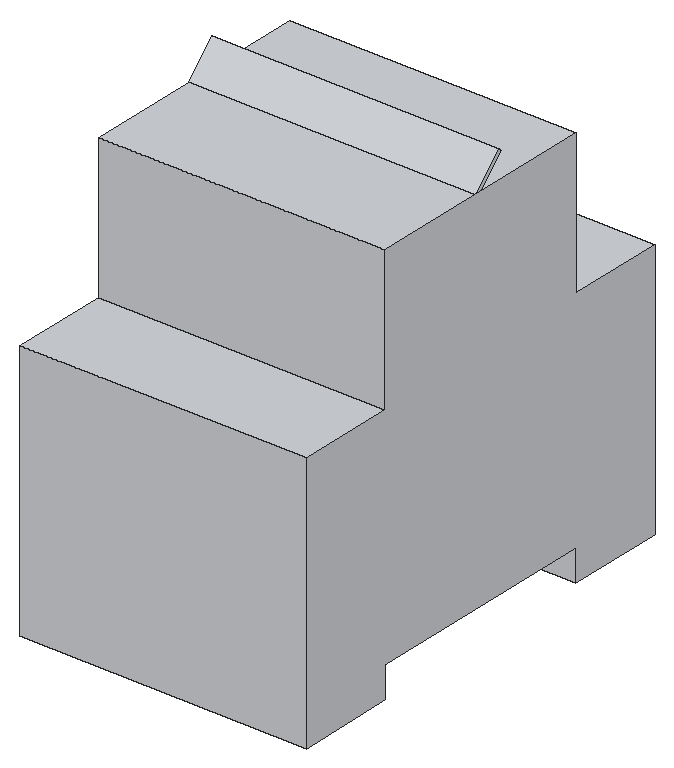
Revit family "Power-ModularDevices-GEWISS-90AM-MOTOR_PROTECTION", category Apparecchi elettrici, host Superficie, Revit 2016
Family settings
  Host = Superficie
  Mantenere orientamento annotazione = Sì
  Tipo di parte = Normale
  Quota connettore circolare = Usa diametro
  Numero OmniClass = 23.80.50.00
  Titolo OmniClass = Terminals for Power Supply
  Taglio con vuoti quando caricato = No
  Condiviso = No
  Punto di calcolo locali = Sì
Parameters (values of type "GW96763 - MOTOR PROTECTION SWITCH 25-40A")
  potenza in watt = 0 V
  carico = Altro
  Version file RFA = "18.0"
  URL = "https://www.gewiss.com/ww/en"
  Technical sheet = "https://www.gewiss.com/ww/en/search?q=GW96763"
  Spostamento_x = -340 mm
  SS [instance] = 69.967 mm
  SIMBOLO IN PIANTA [instance] = yes
  SEO = "Motor switch"
  Realized by GEWISS S.p.A. = ""
  Rated voltage (V) = "230/400 ac"
  Rated voltage = "230/400ac"
  Default Elevation = 1219.2 mm
  Produttore = "GEWISS S.p.A."
  Operating current = "25-40A"
  Numero di poli = 1
  Spost_x_eff [instance] = 0 mm
  Number of poles = "3P"
  No. of poles = "3P"
  No. of modules EN 50022 = "3"
  No. Chorus modules = "3"
  Modello = "GW96763"
  Immagine tipo = GW96751.jpg
  IFC.TypeObject = ""
  IFC.ExportType = ""
  IFC.ExportAs = ""
  IDT = "9a90badc-123e-4117-a2a4-f62144c76397"
  IDF = "be284e65-0030-41ab-a52b-3de678b45daf"
  Electrocod = "1751"
  EAN code = "8011564184527"
  Descrizione = "MOTOR PROTECTION SWITCH 25-40A"
  Catalogue Range = "90 AM"
  Catalogue = "POWER"
  COBie.Tagnumber = ""
  COBie.CreatedOn = ""
  COBie.CreatebBy = ""
  COBie.ComponentRegisterItemID = ""
  COBie.Component.TagNumber = ""
  COBie.Component.Space = ""
  COBie.Component.SerialNumber = ""
  COBie.Component.InstallationDate = ""
  COBie.Component.Description = ""
  COBie.Component.BarCode = ""
  Barra_DIN [instance] = 0 mm
Values of the unnamed type that differ from the named types
  Version file RFA = ""
  SEO = ""
  Rated voltage (V) = ""
  Rated voltage = ""
  Number of poles = ""
  No. of poles = ""
  No. of modules EN 50022 = ""
  No. Chorus modules = ""
  IDF = ""
  Electrocod = ""
  Catalogue Range = ""
  Catalogue = ""
Reference planes
  plane 1 "Centro (Fronte/Retro)": y = 0
  plane 2: z = 0
  plane 3 "Centro (Sinistra/Destra)": x = 0
  plane 4: z = 0
Dimensions and locks
  "Barra_DIN": host face to plane 4
  aligned and locked: plane 2 to host face
  aligned and locked: level to host face
  aligned and locked: plane 3 "Centro (Sinistra/Destra)" to nested 1
  aligned and locked: plane 1 "Centro (Fronte/Retro)" to nested 1
Automatic sketch dimensions
  host sketch curve to host sketch curve = 6519.2 mm
  host sketch curve to host sketch curve = 4328.142 mm
Nested families
  nested 1: "GENERICO - 90AM SALVAMOTORI" at (0, 0, 7), type "GENERICO - 90AM SALVAMOTORI"
  nested 2: "SALVAMOT" at (0, 54.967, 0), visible <- "SIMBOLO IN PIANTA", type "SALVAMOT"
Connectors
  electrical at (0, 41, 25.5)
    settings: on nested 1, index 1, voltage 230 V, apparent load 0 VA, apparent load phase1 0 VA, apparent load phase2 0 VA, apparent load phase3 0 VA, power factor 1, load classification "Altro", number of poles 1, system type 31, power factor state 1, is connector primary yes, connector utility no, sub classification motor no, connector description ""
Definition of nested family "GENERICO - 90AM SALVAMOTORI"
  Parameters (values of type "GENERICO - 90AM SALVAMOTORI")
    h_barra din = if(Altezza barre = 1 mm, 69.9 mm, if(Altezza barre = 2 mm, 115.8 mm, 0 mm))  # 0 mm
    Default Elevation = 1219.2 mm
    H = if(AB_O = 1, AB_V, if(AB_O = 2, AB_H, 50.8 mm))  # 50.8 mm
    Dist barra din = 0 mm  # constant formula
    C1 = 49 mm  # constant formula
    C = 70 mm  # constant formula
    B = 82 mm  # constant formula
    Altezza barre = 5 mm  # constant formula
    AB_V = 3 mm  # constant formula
    AB_H = 5 mm  # constant formula
    AB_O = 0  # constant formula
    A = 81 mm  # constant formula
  Reference planes
    plane 1 "Centro (Fronte/Retro)": y = 0
    plane 2: z = 0
    plane 3 "Centro (Sinistra/Destra)": x = 0
    plane 4: z = 0
    plane 5: z = -6
    plane 6 "top": z = 70
    plane 7 "incasso": z = 43
    plane 8: through (4267.2, -42.5, 9) normal (0, -0.1901, 0.9818)
    plane 9 "POSIZIONE": z = 70
    plane 10: through (-18, -1524, 18.5) normal (-0.891, 0, -0.454)
    plane 11: z = 65
  Forms (mm)
    Extrusion 1, solid
      sketch origin (0, 0, 0) x (0, 1, 0) y (0, 0, 1)
        loop
          line (-22.5, 0) -> (22.5, 0) -> (22.5, -6) -> (41, -6) -> (41, 43) -> (22.5, 43) -> (22.5, 70) -> (-22.5, 70) -> (-22.5, 43) -> (-41, 43) -> (-41, -6) -> (-22.5, -6) -> (-22.5, 0)
      from -27 to 27
    Extrusion 2, solid
      sketch origin (0, 0, 0) x (0, 1, 0) y (0, 0, 1)
        loop
          line (0, 70) -> (4.778, 74.778) -> (4.175, 75.38) -> (-1.206, 70) -> (0, 70)
      from -27 to 27
  Lines and regions (mm)
    symbolic lines
      curve 1: line (0, 0, 15) -> (0, 0, -6)
      curve 2: line (0, -22.5, 0) -> (0, 22.5, 0)
    model lines
      curve 3: line (-9.021, 41, 43) -> (-9.021, 22.5, 43)
      curve 89: line (9.021, 41, 43) -> (9.021, 22.5, 43)
      curve 114: line (7.13, 0, 70) -> (7.13, -7.675, 70)
      curve 115: line (7.13, -7.675, 70) -> (-7.663, -7.675, 70)
      curve 116: line (-7.663, -7.675, 70) -> (-7.663, 0, 70)
      curve 117: line (-7.663, -6.072, 70) -> (7.13, -6.072, 70)
      curve 257: line (-9.021, -22.5, 43) -> (-9.021, -41, 43)
      curve 258: line (9.021, -22.5, 43) -> (9.021, -41, 43)
      curve 283: line (25.144, 0, 70) -> (25.144, -7.675, 70)
      curve 284: line (25.144, -7.675, 70) -> (10.351, -7.675, 70)
      curve 285: line (10.351, -7.675, 70) -> (10.351, 0, 70)
      curve 286: line (10.351, -6.072, 70) -> (25.144, -6.072, 70)
      curve 287: line (-10.88, 0, 70) -> (-10.88, -7.675, 70)
      curve 288: line (-10.88, -7.675, 70) -> (-25.673, -7.675, 70)
      curve 289: line (-25.673, -7.675, 70) -> (-25.673, 0, 70)
      curve 290: line (-25.673, -6.072, 70) -> (-10.88, -6.072, 70)
      curve 349: line (10.351, -13.779, 70) -> (25.144, -13.779, 70)
      curve 350: line (10.351, -20.751, 70) -> (10.351, -13.779, 70)
      curve 351: line (25.144, -20.751, 70) -> (10.351, -20.751, 70)
      curve 352: line (25.144, -13.779, 70) -> (25.144, -20.751, 70)
      curve 353: line (-7.663, -9.82, 70) -> (7.13, -9.82, 70)
      curve 354: line (-7.663, -20.751, 70) -> (-7.663, -9.82, 70)
      curve 355: line (7.13, -20.751, 70) -> (-7.663, -20.751, 70)
      curve 356: line (7.13, -9.82, 70) -> (7.13, -20.751, 70)
      curve 357: circle (0.221, -15.291, 70) r 4.355 normal (0, 0, 1)
      curve 358: line (-15.621, 17.517, 70) -> (-9.887, 17.517, 70)
      curve 359: line (-15.621, 15.425, 70) -> (-15.621, 17.517, 70)
      curve 360: line (-9.887, 15.425, 70) -> (-15.621, 15.425, 70)
      curve 361: line (-9.887, 17.517, 70) -> (-9.887, 15.425, 70)
      curve 362: line (2.368, 17.517, 70) -> (8.102, 17.517, 70)
      curve 363: line (2.368, 15.425, 70) -> (2.368, 17.517, 70)
      curve 364: line (8.102, 15.425, 70) -> (2.368, 15.425, 70)
      curve 365: line (8.102, 17.517, 70) -> (8.102, 15.425, 70)
      curve 366: line (20.333, 17.517, 70) -> (26.067, 17.517, 70)
      curve 367: line (20.333, 15.425, 70) -> (20.333, 17.517, 70)
      curve 368: line (26.067, 15.425, 70) -> (20.333, 15.425, 70)
      curve 369: line (26.067, 17.517, 70) -> (26.067, 15.425, 70)
      curve 370: line (-27, 11.505, 0) -> (27, 11.505, 0)
    model lines, detail levels fine
      curve 4: line (-23.16, -18.708, 70) -> (-23.16, -20.751, 70)
      curve 5: line (-23.16, -20.751, 70) -> (-23.845, -20.751, 70)
      curve 6: line (-23.845, -20.751, 70) -> (-24.242, -20.701, 70)
      curve 7: line (-24.242, -20.701, 70) -> (-24.728, -20.486, 70)
      curve 8: line (-24.728, -20.486, 70) -> (-25.113, -20.128, 70)
      curve 9: line (-25.113, -20.128, 70) -> (-25.369, -19.645, 70)
      curve 10: line (-25.369, -19.645, 70) -> (-25.448, -19.132, 70)
      curve 11: line (-25.448, -19.132, 70) -> (-25.371, -18.658, 70)
      curve 12: line (-25.371, -18.658, 70) -> (-25.166, -18.24, 70)
      curve 13: line (-25.166, -18.24, 70) -> (-24.798, -17.859, 70)
      curve 14: line (-24.798, -17.859, 70) -> (-24.353, -17.627, 70)
      curve 15: line (-24.353, -17.627, 70) -> (-23.852, -17.545, 70)
      curve 16: line (-23.852, -17.545, 70) -> (-23.16, -17.545, 70)
      curve 17: line (-23.16, -17.545, 70) -> (-23.16, -18.426, 70)
      curve 18: line (-23.16, -18.426, 70) -> (-24.323, -18.426, 70)
      curve 19: line (-24.323, -18.426, 70) -> (-24.323, -19.87, 70)
      curve 20: line (-24.323, -19.87, 70) -> (-24.04, -19.87, 70)
      curve 21: line (-24.04, -19.87, 70) -> (-24.04, -18.708, 70)
      curve 22: line (-24.04, -18.708, 70) -> (-23.16, -18.708, 70)
      curve 23: line (-20.395, -20.751, 70) -> (-22.878, -20.751, 70)
      curve 24: line (-22.878, -20.751, 70) -> (-22.878, -17.545, 70)
      curve 25: line (-22.878, -17.545, 70) -> (-21.557, -17.545, 70)
      curve 26: line (-21.557, -17.545, 70) -> (-21.557, -18.425, 70)
      curve 27: line (-21.557, -18.425, 70) -> (-21.998, -18.425, 70)
      curve 28: line (-21.998, -18.425, 70) -> (-21.998, -18.707, 70)
      curve 29: line (-21.998, -18.707, 70) -> (-20.395, -18.707, 70)
      curve 30: line (-20.395, -18.707, 70) -> (-20.395, -19.588, 70)
      curve 31: line (-20.395, -19.588, 70) -> (-21.998, -19.588, 70)
      curve 32: line (-21.998, -19.588, 70) -> (-21.998, -19.87, 70)
      curve 33: line (-21.998, -19.87, 70) -> (-20.395, -19.87, 70)
      curve 34: line (-20.395, -19.87, 70) -> (-20.395, -20.751, 70)
      curve 35: line (-15.903, -20.751, 70) -> (-15.903, -18.707, 70)
      curve 36: line (-15.903, -18.707, 70) -> (-16.784, -18.707, 70)
      curve 37: line (-16.784, -18.707, 70) -> (-16.784, -20.751, 70)
      curve 38: line (-16.784, -20.751, 70) -> (-15.903, -20.751, 70)
      curve 39: line (-18.854, -20.751, 70) -> (-18.589, -19.429, 70)
      curve 40: line (-18.589, -19.429, 70) -> (-18.325, -20.751, 70)
      curve 41: line (-18.325, -20.751, 70) -> (-17.444, -20.751, 70)
      curve 42: line (-17.444, -20.751, 70) -> (-16.898, -18.426, 70)
      curve 43: line (-16.898, -18.426, 70) -> (-15.903, -18.426, 70)
      curve 44: line (-15.903, -18.426, 70) -> (-15.903, -17.545, 70)
      curve 45: line (-15.903, -17.545, 70) -> (-17.594, -17.545, 70)
      curve 46: line (-17.594, -17.545, 70) -> (-17.911, -18.901, 70)
      curve 47: line (-17.911, -18.901, 70) -> (-18.131, -17.545, 70)
      curve 48: line (-18.131, -17.545, 70) -> (-19.047, -17.545, 70)
      curve 49: line (-19.047, -17.545, 70) -> (-19.267, -18.901, 70)
      curve 50: line (-19.267, -18.901, 70) -> (-19.585, -17.545, 70)
      curve 51: line (-19.585, -17.545, 70) -> (-21.276, -17.545, 70)
      curve 52: line (-21.276, -17.545, 70) -> (-21.276, -18.426, 70)
      curve 53: line (-21.276, -18.426, 70) -> (-20.28, -18.426, 70)
      curve 54: line (-20.28, -18.426, 70) -> (-19.735, -20.751, 70)
      curve 55: line (-19.735, -20.751, 70) -> (-18.854, -20.751, 70)
      curve 56: line (-13.137, -17.545, 70) -> (-15.621, -17.545, 70)
      curve 57: line (-15.621, -17.545, 70) -> (-15.621, -19.588, 70)
      curve 58: line (-15.621, -19.588, 70) -> (-14.018, -19.588, 70)
      curve 59: line (-14.018, -19.588, 70) -> (-14.018, -19.87, 70)
      curve 60: line (-14.018, -19.87, 70) -> (-15.621, -19.87, 70)
      curve 61: line (-15.621, -19.87, 70) -> (-15.621, -20.751, 70)
      curve 62: line (-15.621, -20.751, 70) -> (-13.137, -20.751, 70)
      curve 63: line (-13.137, -20.751, 70) -> (-13.137, -18.707, 70)
      curve 64: line (-13.137, -18.707, 70) -> (-14.74, -18.707, 70)
      curve 65: line (-14.74, -18.707, 70) -> (-14.74, -18.426, 70)
      curve 66: line (-14.74, -18.426, 70) -> (-13.137, -18.426, 70)
      curve 67: line (-13.137, -18.426, 70) -> (-13.137, -17.545, 70)
      curve 68: line (-12.856, -17.545, 70) -> (-12.856, -19.588, 70)
      curve 69: line (-12.856, -19.588, 70) -> (-11.361, -19.588, 70)
      curve 70: line (-11.361, -19.588, 70) -> (-11.361, -19.87, 70)
      curve 71: line (-11.361, -19.87, 70) -> (-12.856, -19.87, 70)
      curve 72: line (-12.856, -19.87, 70) -> (-12.856, -20.751, 70)
      curve 73: line (-12.856, -20.751, 70) -> (-11.975, -20.751, 70)
      curve 74: line (-11.975, -20.751, 70) -> (-11.466, -20.587, 70)
      curve 75: line (-11.466, -20.587, 70) -> (-11.138, -20.373, 70)
      curve 76: line (-11.138, -20.373, 70) -> (-10.762, -19.912, 70)
      curve 77: line (-10.762, -19.912, 70) -> (-10.587, -19.395, 70)
      curve 78: line (-10.587, -19.395, 70) -> (-10.582, -18.936, 70)
      curve 79: line (-10.582, -18.936, 70) -> (-10.63, -18.707, 70)
      curve 80: line (-10.63, -18.707, 70) -> (-11.975, -18.707, 70)
      curve 81: line (-11.975, -18.707, 70) -> (-11.975, -18.426, 70)
      curve 82: line (-11.975, -18.426, 70) -> (-10.75, -18.426, 70)
      curve 83: line (-10.75, -18.426, 70) -> (-10.909, -18.159, 70)
      curve 84: line (-10.909, -18.159, 70) -> (-11.138, -17.922, 70)
      curve 85: line (-11.138, -17.922, 70) -> (-11.457, -17.713, 70)
      curve 86: line (-11.457, -17.713, 70) -> (-11.79, -17.591, 70)
      curve 87: line (-11.79, -17.591, 70) -> (-12.164, -17.545, 70)
      curve 88: line (-12.164, -17.545, 70) -> (-12.856, -17.545, 70)
    model lines, detail levels medium+fine
      curve 90: line (0.24, 37.798, 43) -> (1.534, 37.451, 43)
      curve 91: line (1.534, 37.451, 43) -> (2.481, 36.505, 43)
      curve 92: line (2.481, 36.505, 43) -> (2.827, 35.211, 43)
      curve 93: line (2.827, 35.211, 43) -> (2.481, 33.918, 43)
      curve 94: line (2.481, 33.918, 43) -> (1.534, 32.971, 43)
      curve 95: line (1.534, 32.971, 43) -> (0.24, 32.624, 43)
      curve 96: line (0.24, 32.624, 43) -> (-1.053, 32.971, 43)
      curve 97: line (-1.053, 32.971, 43) -> (-2, 33.918, 43)
      curve 98: line (-2, 33.918, 43) -> (-2.346, 35.211, 43)
      curve 99: line (-2.346, 35.211, 43) -> (-2, 36.505, 43)
      curve 100: line (-2, 36.505, 43) -> (-1.053, 37.451, 43)
      curve 101: line (-1.053, 37.451, 43) -> (0.24, 37.798, 43)
      curve 102: line (0.24, -38.798, 43) -> (1.534, -38.451, 43)
      curve 103: line (1.534, -38.451, 43) -> (2.481, -37.505, 43)
      curve 104: line (2.481, -37.505, 43) -> (2.827, -36.211, 43)
      curve 105: line (2.827, -36.211, 43) -> (2.481, -34.918, 43)
      curve 106: line (2.481, -34.918, 43) -> (1.534, -33.971, 43)
      curve 107: line (1.534, -33.971, 43) -> (0.24, -33.624, 43)
      curve 108: line (0.24, -33.624, 43) -> (-1.053, -33.971, 43)
      curve 109: line (-1.053, -33.971, 43) -> (-2, -34.918, 43)
      curve 110: line (-2, -34.918, 43) -> (-2.346, -36.211, 43)
      curve 111: line (-2.346, -36.211, 43) -> (-2, -37.505, 43)
      curve 112: line (-2, -37.505, 43) -> (-1.053, -38.451, 43)
      curve 113: line (-1.053, -38.451, 43) -> (0.24, -38.798, 43)
      curve 233: line (18.24, 37.798, 43) -> (19.534, 37.451, 43)
      curve 234: line (19.534, 37.451, 43) -> (20.481, 36.505, 43)
      curve 235: line (20.481, 36.505, 43) -> (20.827, 35.211, 43)
      curve 236: line (20.827, 35.211, 43) -> (20.481, 33.918, 43)
      curve 237: line (20.481, 33.918, 43) -> (19.534, 32.971, 43)
      curve 238: line (19.534, 32.971, 43) -> (18.24, 32.624, 43)
      curve 239: line (18.24, 32.624, 43) -> (16.947, 32.971, 43)
      curve 240: line (16.947, 32.971, 43) -> (16, 33.918, 43)
      curve 241: line (16, 33.918, 43) -> (15.653, 35.211, 43)
      curve 242: line (15.653, 35.211, 43) -> (16, 36.505, 43)
      curve 243: line (16, 36.505, 43) -> (16.947, 37.451, 43)
      curve 244: line (16.947, 37.451, 43) -> (18.24, 37.798, 43)
      curve 245: line (-17.776, 37.798, 43) -> (-16.482, 37.451, 43)
      curve 246: line (-16.482, 37.451, 43) -> (-15.535, 36.505, 43)
      curve 247: line (-15.535, 36.505, 43) -> (-15.189, 35.211, 43)
      curve 248: line (-15.189, 35.211, 43) -> (-15.535, 33.918, 43)
      curve 249: line (-15.535, 33.918, 43) -> (-16.482, 32.971, 43)
      curve 250: line (-16.482, 32.971, 43) -> (-17.776, 32.624, 43)
      curve 251: line (-17.776, 32.624, 43) -> (-19.069, 32.971, 43)
      curve 252: line (-19.069, 32.971, 43) -> (-20.016, 33.918, 43)
      curve 253: line (-20.016, 33.918, 43) -> (-20.362, 35.211, 43)
      curve 254: line (-20.362, 35.211, 43) -> (-20.016, 36.505, 43)
      curve 255: line (-20.016, 36.505, 43) -> (-19.069, 37.451, 43)
      curve 256: line (-19.069, 37.451, 43) -> (-17.776, 37.798, 43)
      curve 259: line (18.232, -38.798, 43) -> (19.526, -38.451, 43)
      curve 260: line (19.526, -38.451, 43) -> (20.473, -37.505, 43)
      curve 261: line (20.473, -37.505, 43) -> (20.819, -36.211, 43)
      curve 262: line (20.819, -36.211, 43) -> (20.473, -34.918, 43)
      curve 263: line (20.473, -34.918, 43) -> (19.526, -33.971, 43)
      curve 264: line (19.526, -33.971, 43) -> (18.232, -33.624, 43)
      curve 265: line (18.232, -33.624, 43) -> (16.939, -33.971, 43)
      curve 266: line (16.939, -33.971, 43) -> (15.992, -34.918, 43)
      curve 267: line (15.992, -34.918, 43) -> (15.645, -36.211, 43)
      curve 268: line (15.645, -36.211, 43) -> (15.992, -37.505, 43)
      curve 269: line (15.992, -37.505, 43) -> (16.939, -38.451, 43)
      curve 270: line (16.939, -38.451, 43) -> (18.232, -38.798, 43)
      curve 271: line (-17.791, -38.798, 43) -> (-16.498, -38.451, 43)
      curve 272: line (-16.498, -38.451, 43) -> (-15.551, -37.505, 43)
      curve 273: line (-15.551, -37.505, 43) -> (-15.204, -36.211, 43)
      curve 274: line (-15.204, -36.211, 43) -> (-15.551, -34.918, 43)
      curve 275: line (-15.551, -34.918, 43) -> (-16.498, -33.971, 43)
      curve 276: line (-16.498, -33.971, 43) -> (-17.791, -33.624, 43)
      curve 277: line (-17.791, -33.624, 43) -> (-19.085, -33.971, 43)
      curve 278: line (-19.085, -33.971, 43) -> (-20.032, -34.918, 43)
      curve 279: line (-20.032, -34.918, 43) -> (-20.378, -36.211, 43)
      curve 280: line (-20.378, -36.211, 43) -> (-20.032, -37.505, 43)
      curve 281: line (-20.032, -37.505, 43) -> (-19.085, -38.451, 43)
      curve 282: line (-19.085, -38.451, 43) -> (-17.791, -38.798, 43)
    model lines, not visible
      curve 118: line (-150.521, 41, 43) -> (-150.521, 22.5, 43)
      curve 204: line (-132.479, 41, 43) -> (-132.479, 22.5, 43)
      curve 229: line (-134.37, 0, 70) -> (-134.37, -7.675, 70)
      curve 230: line (-134.37, -7.675, 70) -> (-149.163, -7.675, 70)
      curve 231: line (-149.163, -7.675, 70) -> (-149.163, 0, 70)
      curve 232: line (-149.163, -6.072, 70) -> (-134.37, -6.072, 70)
      curve 315: line (-150.521, -22.5, 43) -> (-150.521, -41, 43)
      curve 316: line (-132.479, -22.5, 43) -> (-132.479, -41, 43)
      curve 341: line (-116.356, 0, 70) -> (-116.356, -7.675, 70)
      curve 342: line (-116.356, -7.675, 70) -> (-131.149, -7.675, 70)
      curve 343: line (-131.149, -7.675, 70) -> (-131.149, 0, 70)
      curve 344: line (-131.149, -6.072, 70) -> (-116.356, -6.072, 70)
      curve 345: line (-152.38, 0, 70) -> (-152.38, -7.675, 70)
      curve 346: line (-152.38, -7.675, 70) -> (-167.173, -7.675, 70)
      curve 347: line (-167.173, -7.675, 70) -> (-167.173, 0, 70)
      curve 348: line (-167.173, -6.072, 70) -> (-152.38, -6.072, 70)
    model lines, not visible, detail levels fine
      curve 119: line (-164.66, -18.708, 70) -> (-164.66, -20.751, 70)
      curve 120: line (-164.66, -20.751, 70) -> (-165.345, -20.751, 70)
      curve 121: line (-165.345, -20.751, 70) -> (-165.742, -20.701, 70)
      curve 122: line (-165.742, -20.701, 70) -> (-166.228, -20.486, 70)
      curve 123: line (-166.228, -20.486, 70) -> (-166.613, -20.128, 70)
      curve 124: line (-166.613, -20.128, 70) -> (-166.869, -19.645, 70)
      curve 125: line (-166.869, -19.645, 70) -> (-166.948, -19.132, 70)
      curve 126: line (-166.948, -19.132, 70) -> (-166.871, -18.658, 70)
      curve 127: line (-166.871, -18.658, 70) -> (-166.666, -18.24, 70)
      curve 128: line (-166.666, -18.24, 70) -> (-166.298, -17.859, 70)
      curve 129: line (-166.298, -17.859, 70) -> (-165.853, -17.627, 70)
      curve 130: line (-165.853, -17.627, 70) -> (-165.352, -17.545, 70)
      curve 131: line (-165.352, -17.545, 70) -> (-164.66, -17.545, 70)
      curve 132: line (-164.66, -17.545, 70) -> (-164.66, -18.426, 70)
      curve 133: line (-164.66, -18.426, 70) -> (-165.823, -18.426, 70)
      curve 134: line (-165.823, -18.426, 70) -> (-165.823, -19.87, 70)
      curve 135: line (-165.823, -19.87, 70) -> (-165.54, -19.87, 70)
      curve 136: line (-165.54, -19.87, 70) -> (-165.54, -18.708, 70)
      curve 137: line (-165.54, -18.708, 70) -> (-164.66, -18.708, 70)
      curve 138: line (-161.895, -20.751, 70) -> (-164.378, -20.751, 70)
      curve 139: line (-164.378, -20.751, 70) -> (-164.378, -17.545, 70)
      curve 140: line (-164.378, -17.545, 70) -> (-163.057, -17.545, 70)
      curve 141: line (-163.057, -17.545, 70) -> (-163.057, -18.425, 70)
      curve 142: line (-163.057, -18.425, 70) -> (-163.498, -18.425, 70)
      curve 143: line (-163.498, -18.425, 70) -> (-163.498, -18.707, 70)
      curve 144: line (-163.498, -18.707, 70) -> (-161.895, -18.707, 70)
      curve 145: line (-161.895, -18.707, 70) -> (-161.895, -19.588, 70)
      curve 146: line (-161.895, -19.588, 70) -> (-163.498, -19.588, 70)
      curve 147: line (-163.498, -19.588, 70) -> (-163.498, -19.87, 70)
      curve 148: line (-163.498, -19.87, 70) -> (-161.895, -19.87, 70)
      curve 149: line (-161.895, -19.87, 70) -> (-161.895, -20.751, 70)
      curve 150: line (-157.403, -20.751, 70) -> (-157.403, -18.707, 70)
      curve 151: line (-157.403, -18.707, 70) -> (-158.284, -18.707, 70)
      curve 152: line (-158.284, -18.707, 70) -> (-158.284, -20.751, 70)
      curve 153: line (-158.284, -20.751, 70) -> (-157.403, -20.751, 70)
      curve 154: line (-160.354, -20.751, 70) -> (-160.089, -19.429, 70)
      curve 155: line (-160.089, -19.429, 70) -> (-159.825, -20.751, 70)
      curve 156: line (-159.825, -20.751, 70) -> (-158.944, -20.751, 70)
      curve 157: line (-158.944, -20.751, 70) -> (-158.398, -18.426, 70)
      curve 158: line (-158.398, -18.426, 70) -> (-157.403, -18.426, 70)
      curve 159: line (-157.403, -18.426, 70) -> (-157.403, -17.545, 70)
      curve 160: line (-157.403, -17.545, 70) -> (-159.094, -17.545, 70)
      curve 161: line (-159.094, -17.545, 70) -> (-159.411, -18.901, 70)
      curve 162: line (-159.411, -18.901, 70) -> (-159.631, -17.545, 70)
      curve 163: line (-159.631, -17.545, 70) -> (-160.547, -17.545, 70)
      curve 164: line (-160.547, -17.545, 70) -> (-160.767, -18.901, 70)
      curve 165: line (-160.767, -18.901, 70) -> (-161.085, -17.545, 70)
      curve 166: line (-161.085, -17.545, 70) -> (-162.776, -17.545, 70)
      curve 167: line (-162.776, -17.545, 70) -> (-162.776, -18.426, 70)
      curve 168: line (-162.776, -18.426, 70) -> (-161.78, -18.426, 70)
      curve 169: line (-161.78, -18.426, 70) -> (-161.235, -20.751, 70)
      curve 170: line (-161.235, -20.751, 70) -> (-160.354, -20.751, 70)
      curve 171: line (-154.637, -17.545, 70) -> (-157.121, -17.545, 70)
      curve 172: line (-157.121, -17.545, 70) -> (-157.121, -19.588, 70)
      curve 173: line (-157.121, -19.588, 70) -> (-155.518, -19.588, 70)
      curve 174: line (-155.518, -19.588, 70) -> (-155.518, -19.87, 70)
      curve 175: line (-155.518, -19.87, 70) -> (-157.121, -19.87, 70)
      curve 176: line (-157.121, -19.87, 70) -> (-157.121, -20.751, 70)
      curve 177: line (-157.121, -20.751, 70) -> (-154.637, -20.751, 70)
      curve 178: line (-154.637, -20.751, 70) -> (-154.637, -18.707, 70)
      curve 179: line (-154.637, -18.707, 70) -> (-156.24, -18.707, 70)
      curve 180: line (-156.24, -18.707, 70) -> (-156.24, -18.426, 70)
      curve 181: line (-156.24, -18.426, 70) -> (-154.637, -18.426, 70)
      curve 182: line (-154.637, -18.426, 70) -> (-154.637, -17.545, 70)
      curve 183: line (-154.356, -17.545, 70) -> (-154.356, -19.588, 70)
      curve 184: line (-154.356, -19.588, 70) -> (-152.861, -19.588, 70)
      curve 185: line (-152.861, -19.588, 70) -> (-152.861, -19.87, 70)
      curve 186: line (-152.861, -19.87, 70) -> (-154.356, -19.87, 70)
      curve 187: line (-154.356, -19.87, 70) -> (-154.356, -20.751, 70)
      curve 188: line (-154.356, -20.751, 70) -> (-153.475, -20.751, 70)
      curve 189: line (-153.475, -20.751, 70) -> (-152.966, -20.587, 70)
      curve 190: line (-152.966, -20.587, 70) -> (-152.638, -20.373, 70)
      curve 191: line (-152.638, -20.373, 70) -> (-152.262, -19.912, 70)
      curve 192: line (-152.262, -19.912, 70) -> (-152.087, -19.395, 70)
      curve 193: line (-152.087, -19.395, 70) -> (-152.082, -18.936, 70)
      curve 194: line (-152.082, -18.936, 70) -> (-152.13, -18.707, 70)
      curve 195: line (-152.13, -18.707, 70) -> (-153.475, -18.707, 70)
      curve 196: line (-153.475, -18.707, 70) -> (-153.475, -18.426, 70)
      curve 197: line (-153.475, -18.426, 70) -> (-152.25, -18.426, 70)
      curve 198: line (-152.25, -18.426, 70) -> (-152.409, -18.159, 70)
      curve 199: line (-152.409, -18.159, 70) -> (-152.638, -17.922, 70)
      curve 200: line (-152.638, -17.922, 70) -> (-152.957, -17.713, 70)
      curve 201: line (-152.957, -17.713, 70) -> (-153.29, -17.591, 70)
      curve 202: line (-153.29, -17.591, 70) -> (-153.664, -17.545, 70)
      curve 203: line (-153.664, -17.545, 70) -> (-154.356, -17.545, 70)
    model lines, not visible, detail levels medium+fine
      curve 205: line (-141.26, 37.798, 43) -> (-139.966, 37.451, 43)
      curve 206: line (-139.966, 37.451, 43) -> (-139.019, 36.505, 43)
      curve 207: line (-139.019, 36.505, 43) -> (-138.673, 35.211, 43)
      curve 208: line (-138.673, 35.211, 43) -> (-139.019, 33.918, 43)
      curve 209: line (-139.019, 33.918, 43) -> (-139.966, 32.971, 43)
      curve 210: line (-139.966, 32.971, 43) -> (-141.26, 32.624, 43)
      curve 211: line (-141.26, 32.624, 43) -> (-142.553, 32.971, 43)
      curve 212: line (-142.553, 32.971, 43) -> (-143.5, 33.918, 43)
      curve 213: line (-143.5, 33.918, 43) -> (-143.846, 35.211, 43)
      curve 214: line (-143.846, 35.211, 43) -> (-143.5, 36.505, 43)
      curve 215: line (-143.5, 36.505, 43) -> (-142.553, 37.451, 43)
      curve 216: line (-142.553, 37.451, 43) -> (-141.26, 37.798, 43)
      curve 217: line (-141.26, -38.798, 43) -> (-139.966, -38.451, 43)
      curve 218: line (-139.966, -38.451, 43) -> (-139.019, -37.505, 43)
      curve 219: line (-139.019, -37.505, 43) -> (-138.673, -36.211, 43)
      curve 220: line (-138.673, -36.211, 43) -> (-139.019, -34.918, 43)
      curve 221: line (-139.019, -34.918, 43) -> (-139.966, -33.971, 43)
      curve 222: line (-139.966, -33.971, 43) -> (-141.26, -33.624, 43)
      curve 223: line (-141.26, -33.624, 43) -> (-142.553, -33.971, 43)
      curve 224: line (-142.553, -33.971, 43) -> (-143.5, -34.918, 43)
      curve 225: line (-143.5, -34.918, 43) -> (-143.846, -36.211, 43)
      curve 226: line (-143.846, -36.211, 43) -> (-143.5, -37.505, 43)
      curve 227: line (-143.5, -37.505, 43) -> (-142.553, -38.451, 43)
      curve 228: line (-142.553, -38.451, 43) -> (-141.26, -38.798, 43)
      curve 291: line (-123.26, 37.798, 43) -> (-121.966, 37.451, 43)
      curve 292: line (-121.966, 37.451, 43) -> (-121.019, 36.505, 43)
      curve 293: line (-121.019, 36.505, 43) -> (-120.673, 35.211, 43)
      curve 294: line (-120.673, 35.211, 43) -> (-121.019, 33.918, 43)
      curve 295: line (-121.019, 33.918, 43) -> (-121.966, 32.971, 43)
      curve 296: line (-121.966, 32.971, 43) -> (-123.26, 32.624, 43)
      curve 297: line (-123.26, 32.624, 43) -> (-124.553, 32.971, 43)
      curve 298: line (-124.553, 32.971, 43) -> (-125.5, 33.918, 43)
      curve 299: line (-125.5, 33.918, 43) -> (-125.847, 35.211, 43)
      curve 300: line (-125.847, 35.211, 43) -> (-125.5, 36.505, 43)
      curve 301: line (-125.5, 36.505, 43) -> (-124.553, 37.451, 43)
      curve 302: line (-124.553, 37.451, 43) -> (-123.26, 37.798, 43)
      curve 303: line (-159.276, 37.798, 43) -> (-157.982, 37.451, 43)
      curve 304: line (-157.982, 37.451, 43) -> (-157.035, 36.505, 43)
      curve 305: line (-157.035, 36.505, 43) -> (-156.689, 35.211, 43)
      curve 306: line (-156.689, 35.211, 43) -> (-157.035, 33.918, 43)
      curve 307: line (-157.035, 33.918, 43) -> (-157.982, 32.971, 43)
      curve 308: line (-157.982, 32.971, 43) -> (-159.276, 32.624, 43)
      curve 309: line (-159.276, 32.624, 43) -> (-160.569, 32.971, 43)
      curve 310: line (-160.569, 32.971, 43) -> (-161.516, 33.918, 43)
      curve 311: line (-161.516, 33.918, 43) -> (-161.862, 35.211, 43)
      curve 312: line (-161.862, 35.211, 43) -> (-161.516, 36.505, 43)
      curve 313: line (-161.516, 36.505, 43) -> (-160.569, 37.451, 43)
      curve 314: line (-160.569, 37.451, 43) -> (-159.276, 37.798, 43)
      curve 317: line (-123.268, -38.798, 43) -> (-121.974, -38.451, 43)
      curve 318: line (-121.974, -38.451, 43) -> (-121.027, -37.505, 43)
      curve 319: line (-121.027, -37.505, 43) -> (-120.681, -36.211, 43)
      curve 320: line (-120.681, -36.211, 43) -> (-121.027, -34.918, 43)
      curve 321: line (-121.027, -34.918, 43) -> (-121.974, -33.971, 43)
      curve 322: line (-121.974, -33.971, 43) -> (-123.268, -33.624, 43)
      curve 323: line (-123.268, -33.624, 43) -> (-124.561, -33.971, 43)
      curve 324: line (-124.561, -33.971, 43) -> (-125.508, -34.918, 43)
      curve 325: line (-125.508, -34.918, 43) -> (-125.855, -36.211, 43)
      curve 326: line (-125.855, -36.211, 43) -> (-125.508, -37.505, 43)
      curve 327: line (-125.508, -37.505, 43) -> (-124.561, -38.451, 43)
      curve 328: line (-124.561, -38.451, 43) -> (-123.268, -38.798, 43)
      curve 329: line (-159.291, -38.798, 43) -> (-157.998, -38.451, 43)
      curve 330: line (-157.998, -38.451, 43) -> (-157.051, -37.505, 43)
      curve 331: line (-157.051, -37.505, 43) -> (-156.704, -36.211, 43)
      curve 332: line (-156.704, -36.211, 43) -> (-157.051, -34.918, 43)
      curve 333: line (-157.051, -34.918, 43) -> (-157.998, -33.971, 43)
      curve 334: line (-157.998, -33.971, 43) -> (-159.291, -33.624, 43)
      curve 335: line (-159.291, -33.624, 43) -> (-160.585, -33.971, 43)
      curve 336: line (-160.585, -33.971, 43) -> (-161.532, -34.918, 43)
      curve 337: line (-161.532, -34.918, 43) -> (-161.878, -36.211, 43)
      curve 338: line (-161.878, -36.211, 43) -> (-161.532, -37.505, 43)
      curve 339: line (-161.532, -37.505, 43) -> (-160.585, -38.451, 43)
      curve 340: line (-160.585, -38.451, 43) -> (-159.291, -38.798, 43)
  Text (mm)
    text "AB_V" at (0, 50.868, 44.72), in view "Destra"
    text "AB_O" at (0, -80.659, 111.963), in view "Destra"
    text "AB_O" at (-90.351, 0, 31.414), in view "Anteriore"
  Dimensions and locks
    "Dist barra din": plane 4 to level
    locked: plane 4 to plane 5 at 6
    "C": plane 9 "POSIZIONE" to plane 4
    "C1": plane 7 "incasso" to plane 5
    locked: plane 9 "POSIZIONE" to plane 11 at 5
    angle level to plane 8 = 10.9557°
    angle plane 5 to plane 10 = 117.00°
    aligned and locked: level to plane 2
    aligned and locked: Extrusion 1 sketch curve to plane 4
    aligned and locked: Extrusion 1 sketch curve to plane 5
    aligned and locked: Extrusion 1 sketch curve to plane 7 "incasso"  (x2)
    aligned and locked: plane 1 "Centro (Fronte/Retro)" to curve 1
    aligned and locked: Extrusion 1 to plane 4
    aligned and locked: plane 9 "POSIZIONE" to Extrusion 1 sketch curve
  Automatic sketch dimensions
    Extrusion 1 sketch curve to plane 5 = 0 mm
    curve 2 to level = 0 mm
    curve 1 to plane 5 = 0 mm
    level to curve 1 = 15 mm
    Extrusion 2 sketch curve to plane 6 "top" = 0 mm
    Extrusion 2 sketch curve to plane 1 "Centro (Fronte/Retro)" = 0 mm
    plane 1 "Centro (Fronte/Retro)" to Extrusion 2 sketch curve = 1.206 mm
    Extrusion 2 sketch curve to Extrusion 2 sketch curve = 0.603 mm
    curve 90 to curve 91 = 0.347 mm
    curve 90 to curve 100 = 0.347 mm
    curve 100 to curve 99 = 0.947 mm
    curve 90 to curve 92 = 0.947 mm  (x2)
    curve 99 to curve 99 = 1.293 mm
    curve 91 to curve 92 = 1.293 mm
    curve 98 to curve 97 = 1.293 mm
    curve 92 to curve 93 = 1.293 mm
    curve 97 to curve 96 = 0.947 mm  (x2)
    curve 93 to curve 95 = 0.947 mm
    curve 94 to curve 95 = 0.347 mm
    curve 95 to curve 108 = 66.249 mm
    curve 107 to curve 106 = 0.347 mm
    curve 107 to curve 109 = 0.347 mm
    curve 108 to curve 109 = 0.947 mm
    curve 106 to curve 106 = 0.947 mm
    curve 105 to curve 105 = 1.293 mm
    curve 109 to curve 110 = 1.293 mm
    curve 104 to curve 103 = 1.293 mm
    curve 110 to curve 111 = 1.293 mm
    curve 111 to curve 113 = 0.947 mm
    curve 103 to curve 103 = 0.947 mm
    curve 102 to curve 102 = 0.347 mm
    curve 110 to curve 98 = 0 mm
    curve 110 to curve 109 = 0.347 mm
    curve 98 to curve 100 = 0.347 mm
    curve 110 to curve 112 = 0.347 mm
    curve 98 to curve 98 = 0.347 mm
    curve 109 to curve 109 = 0.947 mm
    curve 99 to curve 100 = 0.947 mm
    curve 111 to curve 112 = 0.947 mm
    curve 96 to curve 95 = 1.293 mm
    curve 100 to curve 90 = 1.293 mm
    curve 112 to curve 102 = 1.293 mm
    curve 108 to curve 108 = 1.293 mm
    curve 95 to curve 94 = 1.293 mm
    curve 102 to curve 102 = 1.293 mm
    curve 107 to curve 107 = 1.293 mm
    curve 90 to curve 90 = 1.293 mm
    curve 102 to curve 104 = 0.947 mm
    curve 94 to curve 93 = 0.947 mm
    curve 106 to curve 105 = 0.947 mm
    curve 105 to curve 104 = 0.347 mm
    curve 93 to curve 93 = 0.347 mm
    curve 3 to curve 99 = 4.495 mm
    curve 89 to curve 90 = 3.549 mm
    curve 96 to curve 3 = 10.471 mm
    curve 94 to curve 89 = 10.471 mm
    curve 3 to curve 99 = 7.021 mm
    curve 94 to curve 89 = 7.487 mm
    curve 10 to curve 11 = 0.077 mm
    curve 10 to curve 10 = 0.079 mm
    curve 11 to curve 13 = 0.205 mm
    curve 9 to curve 9 = 0.255 mm
    curve 13 to curve 14 = 0.368 mm
    curve 8 to curve 7 = 0.386 mm
    curve 13 to curve 15 = 0.445 mm
    curve 7 to curve 19 = 0.404 mm
    curve 7 to curve 6 = 0.486 mm
    curve 18 to curve 21 = 0.283 mm
    curve 14 to curve 16 = 0.501 mm
    curve 7 to curve 6 = 0.397 mm
    curve 5 to curve 4 = 0.685 mm
    curve 18 to curve 4 = 0 mm
    curve 4 to curve 24 = 0.282 mm
    curve 4 to curve 28 = 1.162 mm
    curve 28 to curve 32 = 0.001 mm
    curve 27 to curve 26 = 0.441 mm
    curve 25 to curve 52 = 0.282 mm
    curve 52 to curve 30 = 0.881 mm
    curve 30 to curve 33 = 0 mm
    curve 29 to curve 53 = 0.115 mm
    curve 23 to curve 54 = 0.659 mm
    curve 53 to curve 50 = 0.696 mm
    curve 53 to curve 49 = 1.013 mm
    curve 50 to curve 49 = 0.537 mm
    curve 54 to curve 39 = 0.882 mm
    curve 50 to curve 40 = 0.678 mm
    curve 39 to curve 41 = 0.528 mm
    curve 48 to curve 48 = 0.916 mm
    curve 39 to curve 47 = 0.678 mm
    curve 47 to curve 45 = 0.537 mm
    curve 40 to curve 42 = 0.881 mm
    curve 46 to curve 43 = 1.013 mm
    curve 41 to curve 37 = 0.661 mm
    curve 36 to curve 43 = 0.881 mm
    curve 36 to curve 43 = 0 mm
    curve 44 to curve 56 = 0.282 mm
    curve 35 to curve 62 = 0.282 mm
    curve 35 to curve 64 = 1.163 mm
    curve 64 to curve 58 = 0.722 mm
    curve 59 to curve 63 = 0.881 mm
    curve 66 to curve 63 = 0 mm
    curve 63 to curve 69 = 0.282 mm
    curve 62 to curve 73 = 0.282 mm
    curve 68 to curve 88 = 0.691 mm
    curve 72 to curve 73 = 0.881 mm
    curve 63 to curve 80 = 1.163 mm
    curve 87 to curve 86 = 0.374 mm
    curve 73 to curve 74 = 0.509 mm
    curve 86 to curve 85 = 0.333 mm
    curve 74 to curve 70 = 0.105 mm
    curve 86 to curve 85 = 0.319 mm
    curve 74 to curve 75 = 0.328 mm
    curve 84 to curve 83 = 0.229 mm
    curve 75 to curve 77 = 0.376 mm
    curve 83 to curve 83 = 0.159 mm
    curve 82 to curve 79 = 0.12 mm
    curve 76 to curve 77 = 0.175 mm
    curve 79 to curve 79 = 0.048 mm
    curve 85 to curve 115 = 3.794 mm
    curve 115 to curve 115 = 14.793 mm
    curve 39 to curve 62 = 0 mm
    curve 23 to curve 54 = 0 mm
    curve 38 to curve 61 = 0 mm
    curve 39 to curve 40 = 0 mm
    curve 62 to curve 74 = 0 mm
    curve 23 to curve 5 = 0 mm
    curve 6 to curve 6 = 0.05 mm
    curve 73 to curve 75 = 0.163 mm
    curve 6 to curve 7 = 0.215 mm
    curve 74 to curve 75 = 0.214 mm
    curve 7 to curve 8 = 0.358 mm
    curve 75 to curve 77 = 0.461 mm
    curve 7 to curve 20 = 0.831 mm
    curve 72 to curve 71 = 0.881 mm
    curve 61 to curve 60 = 0.881 mm
    curve 23 to curve 34 = 0.881 mm
    curve 9 to curve 9 = 0.482 mm
    curve 33 to curve 30 = 0.282 mm
    curve 60 to curve 58 = 0.282 mm
    curve 70 to curve 69 = 0.282 mm
    curve 40 to curve 40 = 1.321 mm
    curve 76 to curve 78 = 0.517 mm
    curve 9 to curve 11 = 0.514 mm
    curve 77 to curve 78 = 0.459 mm
    curve 39 to curve 49 = 0.528 mm
    curve 39 to curve 47 = 0.528 mm
    curve 20 to curve 21 = 1.162 mm
    curve 68 to curve 64 = 0.881 mm
    curve 69 to curve 81 = 0.881 mm
    curve 57 to curve 35 = 0.881 mm
    curve 31 to curve 28 = 0.881 mm
    curve 10 to curve 12 = 0.474 mm
    curve 36 to curve 42 = 0.282 mm
    curve 29 to curve 53 = 0.282 mm
    curve 79 to curve 83 = 0.282 mm
    curve 63 to curve 67 = 0.282 mm
    curve 21 to curve 19 = 0.282 mm
    curve 52 to curve 26 = 0 mm
    curve 11 to curve 12 = 0.418 mm
    curve 82 to curve 83 = 0.266 mm
    curve 83 to curve 84 = 0.237 mm
    curve 13 to curve 13 = 0.381 mm
    curve 85 to curve 85 = 0.209 mm
    curve 13 to curve 15 = 0.232 mm
    curve 85 to curve 87 = 0.122 mm
    curve 66 to curve 68 = 0.881 mm
    curve 67 to curve 68 = 0 mm
    curve 52 to curve 52 = 0.881 mm
    curve 50 to curve 49 = 0 mm
    curve 47 to curve 46 = 0 mm
    curve 26 to curve 51 = 0 mm
    curve 17 to curve 24 = 0 mm
    curve 82 to curve 114 = 10.751 mm
    curve 115 to curve 117 = 1.603 mm
    curve 117 to curve 116 = 6.072 mm
    curve 205 to curve 206 = 0.347 mm
    curve 205 to curve 215 = 0.347 mm
    curve 215 to curve 214 = 0.947 mm
    curve 205 to curve 207 = 0.947 mm  (x2)
    curve 214 to curve 214 = 1.293 mm
    curve 206 to curve 207 = 1.293 mm
    curve 213 to curve 212 = 1.293 mm
    curve 207 to curve 208 = 1.293 mm
    curve 212 to curve 211 = 0.947 mm  (x2)
    curve 208 to curve 210 = 0.947 mm
    curve 209 to curve 210 = 0.347 mm
    curve 210 to curve 223 = 66.249 mm
    curve 222 to curve 221 = 0.347 mm
    curve 222 to curve 224 = 0.347 mm
    curve 223 to curve 224 = 0.947 mm
    curve 221 to curve 221 = 0.947 mm
    curve 220 to curve 220 = 1.293 mm
    curve 224 to curve 225 = 1.293 mm
    curve 219 to curve 218 = 1.293 mm
    curve 225 to curve 226 = 1.293 mm
    curve 226 to curve 228 = 0.947 mm
    curve 218 to curve 218 = 0.947 mm
    curve 217 to curve 217 = 0.347 mm
    curve 225 to curve 213 = 0 mm
    curve 225 to curve 224 = 0.347 mm
    curve 213 to curve 215 = 0.347 mm
    curve 225 to curve 227 = 0.347 mm
    curve 213 to curve 213 = 0.347 mm
    curve 224 to curve 224 = 0.947 mm
    curve 214 to curve 215 = 0.947 mm
    curve 226 to curve 227 = 0.947 mm
    curve 211 to curve 210 = 1.293 mm
    curve 215 to curve 205 = 1.293 mm
    curve 227 to curve 217 = 1.293 mm
    curve 223 to curve 223 = 1.293 mm
    curve 210 to curve 209 = 1.293 mm
    curve 217 to curve 217 = 1.293 mm
    curve 222 to curve 222 = 1.293 mm
    curve 205 to curve 205 = 1.293 mm
    curve 217 to curve 219 = 0.947 mm
    curve 209 to curve 208 = 0.947 mm
    curve 221 to curve 220 = 0.947 mm
    curve 220 to curve 219 = 0.347 mm
    curve 208 to curve 208 = 0.347 mm
    curve 118 to curve 214 = 4.495 mm
    curve 204 to curve 205 = 3.549 mm
    curve 211 to curve 118 = 10.471 mm
    curve 209 to curve 204 = 10.471 mm
    curve 118 to curve 214 = 7.021 mm
    curve 209 to curve 204 = 7.487 mm
    curve 125 to curve 126 = 0.077 mm
    curve 125 to curve 125 = 0.079 mm
    curve 126 to curve 128 = 0.205 mm
    curve 124 to curve 124 = 0.255 mm
    curve 128 to curve 129 = 0.368 mm
    curve 123 to curve 122 = 0.386 mm
    curve 128 to curve 130 = 0.445 mm
    curve 122 to curve 134 = 0.404 mm
    curve 122 to curve 121 = 0.486 mm
    curve 133 to curve 136 = 0.283 mm
    curve 129 to curve 131 = 0.501 mm
    curve 122 to curve 121 = 0.397 mm
    curve 120 to curve 119 = 0.685 mm
    curve 133 to curve 119 = 0 mm
    curve 119 to curve 139 = 0.282 mm
    curve 119 to curve 143 = 1.162 mm
    curve 143 to curve 147 = 0.001 mm
    curve 142 to curve 141 = 0.441 mm
    curve 140 to curve 167 = 0.282 mm
    curve 167 to curve 145 = 0.881 mm
    curve 145 to curve 148 = 0 mm
    curve 144 to curve 168 = 0.115 mm
    curve 138 to curve 169 = 0.659 mm
    curve 168 to curve 165 = 0.696 mm
    curve 168 to curve 164 = 1.013 mm
    curve 165 to curve 164 = 0.537 mm
    curve 169 to curve 154 = 0.882 mm
    curve 165 to curve 155 = 0.678 mm
    curve 154 to curve 156 = 0.528 mm
    curve 163 to curve 163 = 0.916 mm
    curve 154 to curve 162 = 0.678 mm
    curve 162 to curve 160 = 0.537 mm
    curve 155 to curve 157 = 0.881 mm
    curve 161 to curve 158 = 1.013 mm
    curve 156 to curve 152 = 0.661 mm
    curve 151 to curve 158 = 0.881 mm
    curve 151 to curve 158 = 0 mm
    curve 159 to curve 171 = 0.282 mm
    curve 150 to curve 177 = 0.282 mm
    curve 150 to curve 179 = 1.163 mm
    curve 179 to curve 173 = 0.722 mm
    curve 174 to curve 178 = 0.881 mm
    curve 181 to curve 178 = 0 mm
    curve 178 to curve 184 = 0.282 mm
    curve 177 to curve 188 = 0.282 mm
    curve 183 to curve 203 = 0.691 mm
    curve 187 to curve 188 = 0.881 mm
    curve 178 to curve 195 = 1.163 mm
    curve 202 to curve 201 = 0.374 mm
    curve 188 to curve 189 = 0.509 mm
    curve 201 to curve 200 = 0.333 mm
    curve 189 to curve 185 = 0.105 mm
    curve 201 to curve 200 = 0.319 mm
    curve 189 to curve 190 = 0.328 mm
    curve 199 to curve 198 = 0.229 mm
    curve 190 to curve 192 = 0.376 mm
    curve 198 to curve 198 = 0.159 mm
    curve 197 to curve 194 = 0.12 mm
    curve 191 to curve 192 = 0.175 mm
    curve 194 to curve 194 = 0.048 mm
    curve 200 to curve 230 = 3.794 mm
    curve 230 to curve 230 = 14.793 mm
    curve 154 to curve 177 = 0 mm
    curve 138 to curve 169 = 0 mm
    curve 153 to curve 176 = 0 mm
    curve 154 to curve 155 = 0 mm
    curve 177 to curve 189 = 0 mm
    curve 138 to curve 120 = 0 mm
    curve 121 to curve 121 = 0.05 mm
    curve 188 to curve 190 = 0.163 mm
    curve 121 to curve 122 = 0.215 mm
    curve 189 to curve 190 = 0.214 mm
    curve 122 to curve 123 = 0.358 mm
    curve 190 to curve 192 = 0.461 mm
    curve 122 to curve 135 = 0.831 mm
    curve 187 to curve 186 = 0.881 mm
    curve 176 to curve 175 = 0.881 mm
    curve 138 to curve 149 = 0.881 mm
    curve 124 to curve 124 = 0.482 mm
    curve 148 to curve 145 = 0.282 mm
    curve 175 to curve 173 = 0.282 mm
    curve 185 to curve 184 = 0.282 mm
    curve 155 to curve 155 = 1.321 mm
    curve 191 to curve 193 = 0.517 mm
    curve 124 to curve 126 = 0.514 mm
    curve 192 to curve 193 = 0.459 mm
    curve 154 to curve 164 = 0.528 mm
    curve 154 to curve 162 = 0.528 mm
    curve 135 to curve 136 = 1.162 mm
    curve 183 to curve 179 = 0.881 mm
    curve 184 to curve 196 = 0.881 mm
    curve 172 to curve 150 = 0.881 mm
    curve 146 to curve 143 = 0.881 mm
    curve 125 to curve 127 = 0.474 mm
    curve 151 to curve 157 = 0.282 mm
    curve 144 to curve 168 = 0.282 mm
    curve 194 to curve 198 = 0.282 mm
    curve 178 to curve 182 = 0.282 mm
    curve 136 to curve 134 = 0.282 mm
    curve 167 to curve 141 = 0 mm
    curve 126 to curve 127 = 0.418 mm
    curve 197 to curve 198 = 0.266 mm
    curve 198 to curve 199 = 0.237 mm
    curve 128 to curve 128 = 0.381 mm
    curve 200 to curve 200 = 0.209 mm
    curve 128 to curve 130 = 0.232 mm
    curve 200 to curve 202 = 0.122 mm
    curve 181 to curve 183 = 0.881 mm
    curve 182 to curve 183 = 0 mm
    curve 167 to curve 167 = 0.881 mm
    curve 165 to curve 164 = 0 mm
    curve 162 to curve 161 = 0 mm
    curve 141 to curve 166 = 0 mm
    curve 132 to curve 139 = 0 mm
    curve 197 to curve 229 = 10.751 mm
    curve 230 to curve 232 = 1.603 mm
    curve 232 to curve 231 = 6.072 mm
    curve 257 to curve 258 = 0 mm
    curve 258 to curve 259 = 2.202 mm
    curve 257 to curve 282 = 2.202 mm
    curve 259 to curve 269 = 0.347 mm
    curve 271 to curve 282 = 0.347 mm
    curve 270 to curve 259 = 0.347 mm
    curve 282 to curve 271 = 0.347 mm
    curve 259 to curve 261 = 0.947 mm
    curve 281 to curve 280 = 0.947 mm
    curve 269 to curve 268 = 0.947 mm  (x2)
    curve 271 to curve 273 = 0.947 mm
    curve 280 to curve 280 = 1.293 mm
    curve 269 to curve 268 = 1.293 mm
    curve 260 to curve 262 = 1.293 mm
    curve 273 to curve 274 = 1.293 mm
    curve 273 to curve 275 = 1.293 mm
    curve 267 to curve 267 = 1.293 mm
    curve 279 to curve 279 = 1.293 mm
    curve 261 to curve 262 = 1.293 mm
    curve 262 to curve 263 = 0.947 mm  (x2)
    curve 266 to curve 266 = 0.947 mm
    curve 274 to curve 275 = 0.947 mm
    curve 278 to curve 278 = 0.947 mm
    curve 263 to curve 265 = 0.347 mm
    curve 275 to curve 277 = 0.347 mm
    curve 265 to curve 258 = 11.471 mm
    curve 275 to curve 257 = 11.471 mm
    curve 258 to curve 239 = 55.124 mm
    curve 250 to curve 238 = 0 mm
    curve 238 to curve 240 = 0.347 mm
    curve 238 to curve 238 = 0.347 mm
    curve 250 to curve 250 = 0.347 mm
    curve 250 to curve 252 = 0.347 mm
    curve 237 to curve 236 = 0.947 mm
    curve 251 to curve 252 = 0.947 mm
    curve 249 to curve 248 = 0.947 mm
    curve 239 to curve 241 = 0.947 mm  (x2)
    curve 240 to curve 241 = 1.293 mm
    curve 236 to curve 236 = 1.293 mm
    curve 252 to curve 253 = 1.293 mm
    curve 248 to curve 248 = 1.293 mm
    curve 241 to curve 242 = 1.293 mm
    curve 235 to curve 234 = 1.293 mm
    curve 247 to curve 246 = 1.293 mm
    curve 253 to curve 254 = 1.293 mm
    curve 242 to curve 244 = 0.947 mm
    curve 234 to curve 234 = 0.947 mm  (x2)
    curve 246 to curve 245 = 0.947 mm
    curve 254 to curve 255 = 0.947 mm
    curve 245 to curve 245 = 0.347 mm
    curve 233 to curve 244 = 0.347 mm
    curve 235 to curve 261 = 0.008 mm
    curve 235 to curve 234 = 0.347 mm
    curve 235 to curve 237 = 0.347 mm
    curve 261 to curve 263 = 0.347 mm
    curve 261 to curve 261 = 0.347 mm
    curve 236 to curve 237 = 0.947 mm
    curve 260 to curve 259 = 0.947 mm
    curve 237 to curve 238 = 1.293 mm
    curve 233 to curve 233 = 1.293 mm
    curve 260 to curve 270 = 1.293 mm
    curve 263 to curve 264 = 1.293 mm
    curve 238 to curve 239 = 1.293 mm
    curve 233 to curve 243 = 1.293 mm
    curve 264 to curve 266 = 1.293 mm
    curve 259 to curve 269 = 1.293 mm
    curve 243 to curve 242 = 0.947 mm
    curve 265 to curve 267 = 0.947 mm
    curve 240 to curve 242 = 0.347 mm
    curve 266 to curve 267 = 0.347 mm
    curve 269 to curve 258 = 6.971 mm
    curve 258 to curve 257 = 18.042 mm
    curve 241 to curve 247 = 30.842 mm
    curve 257 to curve 273 = 6.184 mm
    curve 247 to curve 248 = 0.347 mm
    curve 247 to curve 247 = 0.347 mm
    curve 273 to curve 274 = 0.347 mm
    curve 273 to curve 273 = 0.347 mm
    curve 248 to curve 250 = 0.947 mm
    curve 246 to curve 246 = 0.947 mm
    curve 274 to curve 276 = 0.947 mm
    curve 272 to curve 272 = 0.947 mm
    curve 245 to curve 256 = 1.293 mm  (x2)
    curve 250 to curve 251 = 1.293 mm  (x2)
    curve 272 to curve 271 = 1.293 mm
    curve 275 to curve 277 = 1.293 mm
    curve 271 to curve 281 = 1.293 mm
    curve 276 to curve 277 = 1.293 mm
    curve 255 to curve 255 = 0.947 mm
    curve 251 to curve 253 = 0.947 mm
    curve 281 to curve 281 = 0.947 mm
    curve 277 to curve 278 = 0.947 mm
    curve 252 to curve 253 = 0.347 mm
    curve 278 to curve 280 = 0.347 mm
    curve 289 to curve 283 = 0 mm
    curve 284 to curve 286 = 1.603 mm
    curve 287 to curve 290 = 1.603 mm
    curve 290 to curve 289 = 6.072 mm
    curve 286 to curve 285 = 6.072 mm
    curve 290 to curve 287 = 6.072 mm
    curve 286 to curve 283 = 6.072 mm
    curve 283 to curve 285 = 14.793 mm
    curve 285 to curve 287 = 21.232 mm
    curve 287 to curve 289 = 14.793 mm
    curve 117 to curve 114 = 6.072 mm
    curve 315 to curve 316 = 0 mm
    curve 316 to curve 317 = 2.202 mm
    curve 315 to curve 340 = 2.202 mm
    curve 317 to curve 327 = 0.347 mm
    curve 329 to curve 340 = 0.347 mm
    curve 328 to curve 317 = 0.347 mm
    curve 340 to curve 329 = 0.347 mm
    curve 317 to curve 319 = 0.947 mm
    curve 339 to curve 338 = 0.947 mm
    curve 327 to curve 326 = 0.947 mm  (x2)
    curve 329 to curve 331 = 0.947 mm
    curve 338 to curve 338 = 1.293 mm
    curve 327 to curve 326 = 1.293 mm
    curve 318 to curve 320 = 1.293 mm
    curve 331 to curve 332 = 1.293 mm
    curve 331 to curve 333 = 1.293 mm
    curve 325 to curve 325 = 1.293 mm
    curve 337 to curve 337 = 1.293 mm
    curve 319 to curve 320 = 1.293 mm
    curve 320 to curve 321 = 0.947 mm  (x2)
    curve 324 to curve 324 = 0.947 mm
    curve 332 to curve 333 = 0.947 mm
    curve 336 to curve 336 = 0.947 mm
    curve 321 to curve 323 = 0.347 mm
    curve 333 to curve 335 = 0.347 mm
    curve 323 to curve 316 = 11.471 mm
    curve 333 to curve 315 = 11.471 mm
    curve 316 to curve 297 = 55.124 mm
    curve 308 to curve 296 = 0 mm
    curve 296 to curve 298 = 0.347 mm
    curve 296 to curve 296 = 0.347 mm
    curve 308 to curve 308 = 0.347 mm
    curve 308 to curve 310 = 0.347 mm
    curve 295 to curve 294 = 0.947 mm
    curve 309 to curve 310 = 0.947 mm
    curve 307 to curve 306 = 0.947 mm
    curve 297 to curve 299 = 0.947 mm  (x2)
    curve 298 to curve 299 = 1.293 mm
    curve 294 to curve 294 = 1.293 mm
    curve 310 to curve 311 = 1.293 mm
    curve 306 to curve 306 = 1.293 mm
    curve 299 to curve 300 = 1.293 mm
    curve 293 to curve 292 = 1.293 mm
    curve 305 to curve 304 = 1.293 mm
    curve 311 to curve 312 = 1.293 mm
    curve 300 to curve 302 = 0.947 mm
    curve 292 to curve 292 = 0.947 mm  (x2)
    curve 304 to curve 303 = 0.947 mm
    curve 312 to curve 313 = 0.947 mm
    curve 303 to curve 303 = 0.347 mm
    curve 291 to curve 302 = 0.347 mm
    curve 293 to curve 319 = 0.008 mm
    curve 293 to curve 292 = 0.347 mm
    curve 293 to curve 295 = 0.347 mm
    curve 319 to curve 321 = 0.347 mm
    curve 319 to curve 319 = 0.347 mm
    curve 294 to curve 295 = 0.947 mm
    curve 318 to curve 317 = 0.947 mm
    curve 295 to curve 296 = 1.293 mm
    curve 291 to curve 291 = 1.293 mm
    curve 318 to curve 328 = 1.293 mm
    curve 321 to curve 322 = 1.293 mm
    curve 296 to curve 297 = 1.293 mm
    curve 291 to curve 301 = 1.293 mm
    curve 322 to curve 324 = 1.293 mm
    curve 317 to curve 327 = 1.293 mm
    curve 301 to curve 300 = 0.947 mm
    curve 323 to curve 325 = 0.947 mm
    curve 298 to curve 300 = 0.347 mm
    curve 324 to curve 325 = 0.347 mm
    curve 327 to curve 316 = 6.971 mm
    curve 316 to curve 315 = 18.042 mm
    curve 299 to curve 305 = 30.842 mm
    curve 315 to curve 331 = 6.184 mm
    curve 305 to curve 306 = 0.347 mm
    curve 305 to curve 305 = 0.347 mm
    curve 331 to curve 332 = 0.347 mm
    curve 331 to curve 331 = 0.347 mm
    curve 306 to curve 308 = 0.947 mm
    curve 304 to curve 304 = 0.947 mm
    curve 332 to curve 334 = 0.947 mm
    curve 330 to curve 330 = 0.947 mm
    curve 303 to curve 314 = 1.293 mm  (x2)
    curve 308 to curve 309 = 1.293 mm  (x2)
    curve 330 to curve 329 = 1.293 mm
    curve 333 to curve 335 = 1.293 mm
    curve 329 to curve 339 = 1.293 mm
    curve 334 to curve 335 = 1.293 mm
    curve 313 to curve 313 = 0.947 mm
    curve 309 to curve 311 = 0.947 mm
    curve 339 to curve 339 = 0.947 mm
    curve 335 to curve 336 = 0.947 mm
    curve 310 to curve 311 = 0.347 mm
    curve 336 to curve 338 = 0.347 mm
    curve 347 to curve 341 = 0 mm
    curve 342 to curve 344 = 1.603 mm
    curve 345 to curve 348 = 1.603 mm
    curve 348 to curve 347 = 6.072 mm
    curve 344 to curve 343 = 6.072 mm
    curve 348 to curve 345 = 6.072 mm
    curve 344 to curve 341 = 6.072 mm
    curve 341 to curve 343 = 14.793 mm
    curve 343 to curve 345 = 21.232 mm
    curve 345 to curve 347 = 14.793 mm
    curve 232 to curve 229 = 6.072 mm
    Extrusion 1 to curve 355 = 1.749 mm
    Extrusion 1 to curve 350 = 1.749 mm
    Extrusion 1 to curve 357 = 7.209 mm
    curve 350 to curve 350 = 6.972 mm
    curve 349 to curve 356 = 3.959 mm
    Extrusion 1 to curve 349 = 1.856 mm
    curve 351 to curve 351 = 14.793 mm
    curve 349 to curve 353 = 3.221 mm
    curve 355 to curve 357 = 6.91 mm
    curve 357 to curve 354 = 7.883 mm
    Extrusion 1 to curve 368 = 7.075 mm
    Extrusion 1 to curve 359 = 7.075 mm
    Extrusion 1 to curve 365 = 7.075 mm
    curve 363 to curve 363 = 2.092 mm
    curve 367 to curve 366 = 2.092 mm
    curve 360 to curve 361 = 2.092 mm
    Extrusion 1 to curve 369 = 0.933 mm
    curve 368 to curve 368 = 5.734 mm
    curve 366 to curve 365 = 12.232 mm
    curve 362 to curve 362 = 5.734 mm
    curve 363 to curve 360 = 12.254 mm
    curve 358 to curve 358 = 5.734 mm
    Extrusion 2 sketch curve to plane 1 "Centro (Fronte/Retro)" = 4.175 mm
    Extrusion 1 sketch curve to Extrusion 1 sketch curve = 18.5 mm  (x3)
    curve 2 to plane 1 "Centro (Fronte/Retro)" = 22.5 mm
    curve 370 to plane 1 "Centro (Fronte/Retro)" = 11.505 mm
    Extrusion 1 sketch curve to plane 1 "Centro (Fronte/Retro)" = 22.5 mm
    plane 1 "Centro (Fronte/Retro)" to curve 2 = 22.5 mm
    plane 1 "Centro (Fronte/Retro)" to Extrusion 1 sketch curve = 22.5 mm  (x2)
    plane 3 "Centro (Sinistra/Destra)" to curve 370 = 27 mm
    curve 370 to plane 3 "Centro (Sinistra/Destra)" = 27 mm
    radius of curve 357 = 4.355 mm
Definition of nested family "SALVAMOT"
  Reference planes
    plane 1: y = 0
    plane 2: x = 0
  Lines and regions (mm)
    detail lines, not visible
      curve 1: line (0, 0, 0) -> (-0.001, 3.334, 0)
      curve 2: line (0.277, 3.334, 0) -> (-0.278, 3.334, 0)
      curve 3: line (-0.278, 3.334, 0) -> (-0.001, 4.223, 0)
      curve 4: line (-0.001, 4.223, 0) -> (0.277, 3.334, 0)
      curve 5: line (0.277, 3.334, 0) -> (-0.001, 4.223, 0)
      curve 6: line (-0.001, 4.223, 0) -> (-0.278, 3.334, 0)
      curve 7: line (-0.278, 3.334, 0) -> (0.277, 3.334, 0)
      curve 8: line (0.277, 3.334, 0) -> (-0.001, 4.223, 0)
      curve 9: line (-0.001, 4.223, 0) -> (-0.278, 3.334, 0)
      curve 10: line (-0.445, 4.612, 0) -> (0.444, 4.612, 0)
      curve 11: line (0.444, 4.612, 0) -> (0.444, 2.39, 0)
      curve 12: line (0.444, 2.39, 0) -> (-0.445, 2.389, 0)
      curve 13: line (-0.445, 2.389, 0) -> (-0.445, 4.612, 0)
      curve 14: line (5.101, 5.36, 0) -> (5.101, 6.027, 0)
      curve 15: line (4.934, 5.36, 0) -> (5.268, 5.36, 0)
      curve 16: line (4.545, 5.249, 0) -> (5.101, 4.082, 0)
